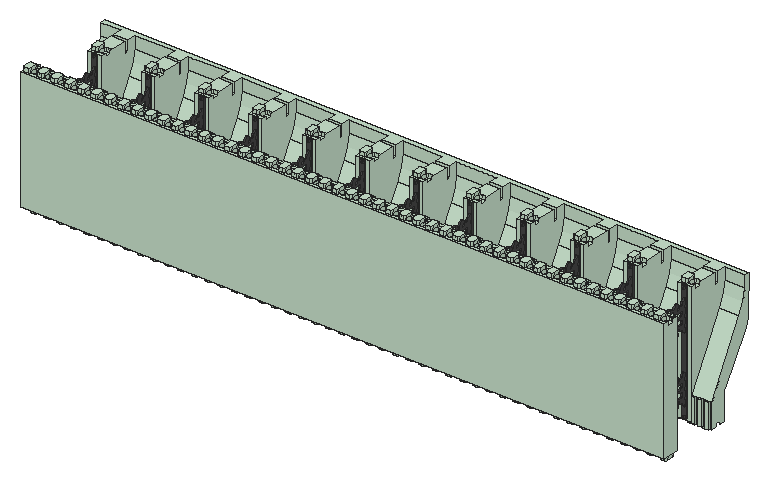
Revit family
Parameters (values of type "6-inch Brick Ledge Form Unit")
  URL = "www.nudura.com"
  Overall Form Thickness = 0' - 11 1/4"
  Model = "6-inch Brick Ledge Form Unit"
  Manufacturer = "NUDURA Corporation"
  Length = 8' - 0"
  Concrete Core Thickness = 0' - 6"
Reference planes (in)
  plane 1 "Center (Front/Back)": y = 0
  plane 2: z = 0
  plane 3 "Center (Left/Right)": x = 0
  plane 4: x = 96
  plane 5: y = 3
  plane 6: y = -3
  plane 7: y = 5.625
  plane 8: y = -5.625
  plane 9: z = 18
  plane 10: z = 18.5
  plane 11: z = -0.5
Forms (in)
  Extrusion 1, solid, material "EPS- NUDURA- Foam Panel"
    sketch origin (0, 0, 0) x (1, 0, 0) y (0, 1, 0)
      loop
        line (0.28117, -3.25) -> (0, -3.25) -> (0, -5.625) -> (96, -5.625) -> (96, -3.25) -> (95.71883, -3.25) -> (95.78117, -3) -> (95.21883, -3) -> (95.28117, -3.25) -> (94.71883, -3.25) -> (94.78117, -3) -> (94.21883, -3) -> (94.28117, -3.25) -> (93.71883, -3.25) -> (93.78117, -3) -> (93.21883, -3) -> (93.28117, -3.25) -> (90.71883, -3.25) -> (90.78117, -3) -> (90.21883, -3) -> (90.28117, -3.25) -> (89.71883, -3.25) -> (89.78117, -3) -> (89.21883, -3) -> (89.28117, -3.25) -> (88.71883, -3.25) -> (88.78117, -3) -> (88.21883, -3) -> (88.28117, -3.25) -> (87.71883, -3.25) -> (87.78117, -3) -> (87.21883, -3) -> (87.28117, -3.25) -> (86.71883, -3.25) -> (86.78117, -3) -> (86.21883, -3) -> (86.28117, -3.25) -> (85.71883, -3.25) -> (85.78117, -3) -> (85.21883, -3) -> (85.28117, -3.25) -> (82.71883, -3.25) -> (82.78117, -3) -> (82.21883, -3) -> (82.28117, -3.25) -> (81.71883, -3.25) -> (81.78117, -3) -> (81.21883, -3) -> (81.28117, -3.25) -> (80.71883, -3.25) -> (80.78117, -3) -> (80.21883, -3) -> (80.28117, -3.25) -> (79.71883, -3.25) -> (79.78117, -3) -> (79.21883, -3) -> (79.28117, -3.25) -> (78.71883, -3.25) -> (78.78117, -3) -> (78.21883, -3) -> (78.28117, -3.25) -> (77.71883, -3.25) -> (77.78117, -3) -> (77.21883, -3) -> (77.28117, -3.25) -> (74.71883, -3.25) -> (74.78117, -3) -> (74.21883, -3) -> (74.28117, -3.25) -> (73.71883, -3.25) -> (73.78117, -3) -> (73.21883, -3) -> (73.28117, -3.25) -> (72.71883, -3.25) -> (72.78117, -3) -> (72.21883, -3) -> (72.28117, -3.25) -> (71.71883, -3.25) -> (71.78117, -3) -> (71.21883, -3) -> (71.28117, -3.25) -> (70.71883, -3.25) -> (70.78117, -3) -> (70.21883, -3) -> (70.28117, -3.25) -> (69.71883, -3.25) -> (69.78117, -3) -> (69.21883, -3) -> (69.28117, -3.25) -> (66.71883, -3.25) -> (66.78117, -3) -> (66.21883, -3) -> (66.28117, -3.25) -> (65.71883, -3.25) -> (65.78117, -3) -> (65.21883, -3) -> (65.28117, -3.25) -> (64.71883, -3.25) -> (64.78117, -3) -> (64.21883, -3) -> (64.28117, -3.25) -> (63.71883, -3.25) -> (63.78117, -3) -> (63.21883, -3) -> (63.28117, -3.25) -> (62.71883, -3.25) -> (62.78117, -3) -> (62.21883, -3) -> (62.28117, -3.25) -> (61.71883, -3.25) -> (61.78117, -3) -> (61.21883, -3) -> (61.28117, -3.25) -> (58.71883, -3.25) -> (58.78117, -3) -> (58.21883, -3) -> (58.28117, -3.25) -> (57.71883, -3.25) -> (57.78117, -3) -> (57.21883, -3) -> (57.28117, -3.25) -> (56.71883, -3.25) -> (56.78117, -3) -> (56.21883, -3) -> (56.28117, -3.25) -> (55.71883, -3.25) -> (55.78117, -3) -> (55.21883, -3) -> (55.28117, -3.25) -> (54.71883, -3.25) -> (54.78117, -3) -> (54.21883, -3) -> (54.28117, -3.25) -> (53.71883, -3.25) -> (53.78117, -3) -> (53.21883, -3) -> (53.28117, -3.25) -> (50.71883, -3.25) -> (50.78117, -3) -> (50.21883, -3) -> (50.28117, -3.25) -> (49.71883, -3.25) -> (49.78117, -3) -> (49.21883, -3) -> (49.28117, -3.25) -> (48.71883, -3.25) -> (48.78117, -3) -> (48.21883, -3) -> (48.28117, -3.25) -> (47.71883, -3.25) -> (47.78117, -3) -> (47.21883, -3) -> (47.28117, -3.25) -> (46.71883, -3.25) -> (46.78117, -3) -> (46.21883, -3) -> (46.28117, -3.25) -> (45.71883, -3.25) -> (45.78117, -3) -> (45.21883, -3) -> (45.28117, -3.25) -> (42.71883, -3.25) -> (42.78117, -3) -> (42.21883, -3) -> (42.28117, -3.25) -> (41.71883, -3.25) -> (41.78117, -3) -> (41.21883, -3) -> (41.28117, -3.25) -> (40.71883, -3.25) -> (40.78117, -3) -> (40.21883, -3) -> (40.28117, -3.25) -> (39.71883, -3.25) -> (39.78117, -3) -> (39.21883, -3) -> (39.28117, -3.25) -> (38.71883, -3.25) -> (38.78117, -3) -> (38.21883, -3) -> (38.28117, -3.25) -> (37.71883, -3.25) -> (37.78117, -3) -> (37.21883, -3) -> (37.28117, -3.25) -> (34.71883, -3.25) -> (34.78117, -3) -> (34.21883, -3) -> (34.28117, -3.25) -> (33.71883, -3.25) -> (33.78117, -3) -> (33.21883, -3) -> (33.28117, -3.25) -> (32.71883, -3.25) -> (32.78117, -3) -> (32.21883, -3) -> (32.28117, -3.25) -> (31.71883, -3.25) -> (31.78117, -3) -> (31.21883, -3) -> (31.28117, -3.25) -> (30.71883, -3.25) -> (30.78117, -3) -> (30.21883, -3) -> (30.28117, -3.25) -> (29.71883, -3.25) -> (29.78117, -3) -> (29.21883, -3) -> (29.28117, -3.25) -> (26.71883, -3.25) -> (26.78117, -3) -> (26.21883, -3) -> (26.28117, -3.25) -> (25.71883, -3.25) -> (25.78117, -3) -> (25.21883, -3) -> (25.28117, -3.25) -> (24.71883, -3.25) -> (24.78117, -3) -> (24.21883, -3) -> (24.28117, -3.25) -> (23.71883, -3.25) -> (23.78117, -3) -> (23.21883, -3) -> (23.28117, -3.25) -> (22.71883, -3.25) -> (22.78117, -3) -> (22.21883, -3) -> (22.28117, -3.25) -> (21.71883, -3.25) -> (21.78117, -3) -> (21.21883, -3) -> (21.28117, -3.25) -> (18.71883, -3.25) -> (18.78117, -3) -> (18.21883, -3) -> (18.28117, -3.25) -> (17.71883, -3.25) -> (17.78117, -3) -> (17.21883, -3) -> (17.28117, -3.25) -> (16.71883, -3.25) -> (16.78117, -3) -> (16.21883, -3) -> (16.28117, -3.25) -> (15.71883, -3.25) -> (15.78117, -3) -> (15.21883, -3) -> (15.28117, -3.25) -> (14.71883, -3.25) -> (14.78117, -3) -> (14.21883, -3) -> (14.28117, -3.25) -> (13.71883, -3.25) -> (13.78117, -3) -> (13.21883, -3) -> (13.28117, -3.25) -> (10.71883, -3.25) -> (10.78117, -3) -> (10.21883, -3) -> (10.28117, -3.25) -> (9.71883, -3.25) -> (9.78117, -3) -> (9.21883, -3) -> (9.28117, -3.25) -> (8.71883, -3.25) -> (8.78117, -3) -> (8.21883, -3) -> (8.28117, -3.25) -> (7.71883, -3.25) -> (7.78117, -3) -> (7.21883, -3) -> (7.28117, -3.25) -> (6.71883, -3.25) -> (6.78117, -3) -> (6.21883, -3) -> (6.28117, -3.25) -> (5.71883, -3.25) -> (5.78117, -3) -> (5.21883, -3) -> (5.28117, -3.25) -> (2.71883, -3.25) -> (2.78117, -3) -> (2.21883, -3) -> (2.28117, -3.25) -> (1.71883, -3.25) -> (1.78117, -3) -> (1.21883, -3) -> (1.28117, -3.25) -> (0.71883, -3.25) -> (0.78117, -3) -> (0.21883, -3) -> (0.28117, -3.25)
    from 0 to 18
  Extrusion 2, void
    sketch origin (0, 0, 0) x (1, 0, 0) y (0, 1, 0)
      loop
        arc (1, -4.89808) -> (1.04785, -5.04517) -> (1.17308, -5.13595) r 0.25
        arc (1.17308, -5.13595) -> (1.5, -5.1875) -> (1.82692, -5.13595) r 1.0625
        arc (1.82692, -5.13595) -> (1.95215, -5.04517) -> (2, -4.89808) r 0.25
        line (2, -4.89808) -> (2, -3.97692)
        arc (2, -3.97692) -> (1.98276, -3.88568) -> (1.9334, -3.80702) r 0.25
        arc (1.9334, -3.80702) -> (1.92106, -3.78736) -> (1.91675, -3.76455) r 0.0625
        line (1.91675, -3.76455) -> (1.91675, -3.41845) -> (1.74592, -3.41845) -> (1.74592, -3.64005)
        arc (1.74592, -3.64005) -> (1.72385, -3.68771) -> (1.67323, -3.70172) r 0.0625
        arc (1.67323, -3.70172) -> (1.42092, -3.69045) -> (1.17308, -3.73905) r 1.0625
        arc (1.17308, -3.73905) -> (1.04785, -3.82983) -> (1, -3.97692) r 0.25
        line (1, -3.97692) -> (1, -4.89808)
    from 18 to 17.5
  Extrusion 3, void
    sketch origin (2, 0, 0) x (1, 0, 0) y (0, 1, 0)
      loop
        arc (1, -4.89808) -> (1.04785, -5.04517) -> (1.17308, -5.13595) r 0.25
        arc (1.17308, -5.13595) -> (1.5, -5.1875) -> (1.82692, -5.13595) r 1.0625
        arc (1.82692, -5.13595) -> (1.95215, -5.04517) -> (2, -4.89808) r 0.25
        line (2, -4.89808) -> (2, -3.97692)
        arc (2, -3.97692) -> (1.98276, -3.88568) -> (1.9334, -3.80702) r 0.25
        arc (1.9334, -3.80702) -> (1.92106, -3.78736) -> (1.91675, -3.76455) r 0.0625
        line (1.91675, -3.76455) -> (1.91675, -3.41845) -> (1.74592, -3.41845) -> (1.74592, -3.64005)
        arc (1.74592, -3.64005) -> (1.72385, -3.68771) -> (1.67323, -3.70172) r 0.0625
        arc (1.67323, -3.70172) -> (1.42092, -3.69045) -> (1.17308, -3.73905) r 1.0625
        arc (1.17308, -3.73905) -> (1.04785, -3.82983) -> (1, -3.97692) r 0.25
        line (1, -3.97692) -> (1, -4.89808)
    from 18 to 17.5
  Extrusion 4, void
    sketch origin (4, 0, 0) x (1, 0, 0) y (0, 1, 0)
      loop
        arc (1, -4.89808) -> (1.04785, -5.04517) -> (1.17308, -5.13595) r 0.25
        arc (1.17308, -5.13595) -> (1.5, -5.1875) -> (1.82692, -5.13595) r 1.0625
        arc (1.82692, -5.13595) -> (1.95215, -5.04517) -> (2, -4.89808) r 0.25
        line (2, -4.89808) -> (2, -3.97692)
        arc (2, -3.97692) -> (1.98276, -3.88568) -> (1.9334, -3.80702) r 0.25
        arc (1.9334, -3.80702) -> (1.92106, -3.78736) -> (1.91675, -3.76455) r 0.0625
        line (1.91675, -3.76455) -> (1.91675, -3.41845) -> (1.74592, -3.41845) -> (1.74592, -3.64005)
        arc (1.74592, -3.64005) -> (1.72385, -3.68771) -> (1.67323, -3.70172) r 0.0625
        arc (1.67323, -3.70172) -> (1.42092, -3.69045) -> (1.17308, -3.73905) r 1.0625
        arc (1.17308, -3.73905) -> (1.04785, -3.82983) -> (1, -3.97692) r 0.25
        line (1, -3.97692) -> (1, -4.89808)
    from 18 to 17.5
  Extrusion 5, void
    sketch origin (6, 0, 0) x (1, 0, 0) y (0, 1, 0)
      loop
        arc (1, -4.89808) -> (1.04785, -5.04517) -> (1.17308, -5.13595) r 0.25
        arc (1.17308, -5.13595) -> (1.5, -5.1875) -> (1.82692, -5.13595) r 1.0625
        arc (1.82692, -5.13595) -> (1.95215, -5.04517) -> (2, -4.89808) r 0.25
        line (2, -4.89808) -> (2, -3.97692)
        arc (2, -3.97692) -> (1.98276, -3.88568) -> (1.9334, -3.80702) r 0.25
        arc (1.9334, -3.80702) -> (1.92106, -3.78736) -> (1.91675, -3.76455) r 0.0625
        line (1.91675, -3.76455) -> (1.91675, -3.41845) -> (1.74592, -3.41845) -> (1.74592, -3.64005)
        arc (1.74592, -3.64005) -> (1.72385, -3.68771) -> (1.67323, -3.70172) r 0.0625
        arc (1.67323, -3.70172) -> (1.42092, -3.69045) -> (1.17308, -3.73905) r 1.0625
        arc (1.17308, -3.73905) -> (1.04785, -3.82983) -> (1, -3.97692) r 0.25
        line (1, -3.97692) -> (1, -4.89808)
    from 18 to 17.5
  Extrusion 6, void
    sketch origin (8, 0, 0) x (1, 0, 0) y (0, 1, 0)
      loop
        arc (1, -4.89808) -> (1.04785, -5.04517) -> (1.17308, -5.13595) r 0.25
        arc (1.17308, -5.13595) -> (1.5, -5.1875) -> (1.82692, -5.13595) r 1.0625
        arc (1.82692, -5.13595) -> (1.95215, -5.04517) -> (2, -4.89808) r 0.25
        line (2, -4.89808) -> (2, -3.97692)
        arc (2, -3.97692) -> (1.98276, -3.88568) -> (1.9334, -3.80702) r 0.25
        arc (1.9334, -3.80702) -> (1.92106, -3.78736) -> (1.91675, -3.76455) r 0.0625
        line (1.91675, -3.76455) -> (1.91675, -3.41845) -> (1.74592, -3.41845) -> (1.74592, -3.64005)
        arc (1.74592, -3.64005) -> (1.72385, -3.68771) -> (1.67323, -3.70172) r 0.0625
        arc (1.67323, -3.70172) -> (1.42092, -3.69045) -> (1.17308, -3.73905) r 1.0625
        arc (1.17308, -3.73905) -> (1.04785, -3.82983) -> (1, -3.97692) r 0.25
        line (1, -3.97692) -> (1, -4.89808)
    from 18 to 17.5
  Extrusion 7, void
    sketch origin (10, 0, 0) x (1, 0, 0) y (0, 1, 0)
      loop
        arc (1, -4.89808) -> (1.04785, -5.04517) -> (1.17308, -5.13595) r 0.25
        arc (1.17308, -5.13595) -> (1.5, -5.1875) -> (1.82692, -5.13595) r 1.0625
        arc (1.82692, -5.13595) -> (1.95215, -5.04517) -> (2, -4.89808) r 0.25
        line (2, -4.89808) -> (2, -3.97692)
        arc (2, -3.97692) -> (1.98276, -3.88568) -> (1.9334, -3.80702) r 0.25
        arc (1.9334, -3.80702) -> (1.92106, -3.78736) -> (1.91675, -3.76455) r 0.0625
        line (1.91675, -3.76455) -> (1.91675, -3.41845) -> (1.74592, -3.41845) -> (1.74592, -3.64005)
        arc (1.74592, -3.64005) -> (1.72385, -3.68771) -> (1.67323, -3.70172) r 0.0625
        arc (1.67323, -3.70172) -> (1.42092, -3.69045) -> (1.17308, -3.73905) r 1.0625
        arc (1.17308, -3.73905) -> (1.04785, -3.82983) -> (1, -3.97692) r 0.25
        line (1, -3.97692) -> (1, -4.89808)
    from 18 to 17.5
  Extrusion 8, void
    sketch origin (12, 0, 0) x (1, 0, 0) y (0, 1, 0)
      loop
        arc (1, -4.89808) -> (1.04785, -5.04517) -> (1.17308, -5.13595) r 0.25
        arc (1.17308, -5.13595) -> (1.5, -5.1875) -> (1.82692, -5.13595) r 1.0625
        arc (1.82692, -5.13595) -> (1.95215, -5.04517) -> (2, -4.89808) r 0.25
        line (2, -4.89808) -> (2, -3.97692)
        arc (2, -3.97692) -> (1.98276, -3.88568) -> (1.9334, -3.80702) r 0.25
        arc (1.9334, -3.80702) -> (1.92106, -3.78736) -> (1.91675, -3.76455) r 0.0625
        line (1.91675, -3.76455) -> (1.91675, -3.41845) -> (1.74592, -3.41845) -> (1.74592, -3.64005)
        arc (1.74592, -3.64005) -> (1.72385, -3.68771) -> (1.67323, -3.70172) r 0.0625
        arc (1.67323, -3.70172) -> (1.42092, -3.69045) -> (1.17308, -3.73905) r 1.0625
        arc (1.17308, -3.73905) -> (1.04785, -3.82983) -> (1, -3.97692) r 0.25
        line (1, -3.97692) -> (1, -4.89808)
    from 18 to 17.5
  Extrusion 9, void
    sketch origin (14, 0, 0) x (1, 0, 0) y (0, 1, 0)
      loop
        arc (1, -4.89808) -> (1.04785, -5.04517) -> (1.17308, -5.13595) r 0.25
        arc (1.17308, -5.13595) -> (1.5, -5.1875) -> (1.82692, -5.13595) r 1.0625
        arc (1.82692, -5.13595) -> (1.95215, -5.04517) -> (2, -4.89808) r 0.25
        line (2, -4.89808) -> (2, -3.97692)
        arc (2, -3.97692) -> (1.98276, -3.88568) -> (1.9334, -3.80702) r 0.25
        arc (1.9334, -3.80702) -> (1.92106, -3.78736) -> (1.91675, -3.76455) r 0.0625
        line (1.91675, -3.76455) -> (1.91675, -3.41845) -> (1.74592, -3.41845) -> (1.74592, -3.64005)
        arc (1.74592, -3.64005) -> (1.72385, -3.68771) -> (1.67323, -3.70172) r 0.0625
        arc (1.67323, -3.70172) -> (1.42092, -3.69045) -> (1.17308, -3.73905) r 1.0625
        arc (1.17308, -3.73905) -> (1.04785, -3.82983) -> (1, -3.97692) r 0.25
        line (1, -3.97692) -> (1, -4.89808)
    from 18 to 17.5
  Extrusion 10, void
    sketch origin (16, 0, 0) x (1, 0, 0) y (0, 1, 0)
      loop
        arc (1, -4.89808) -> (1.04785, -5.04517) -> (1.17308, -5.13595) r 0.25
        arc (1.17308, -5.13595) -> (1.5, -5.1875) -> (1.82692, -5.13595) r 1.0625
        arc (1.82692, -5.13595) -> (1.95215, -5.04517) -> (2, -4.89808) r 0.25
        line (2, -4.89808) -> (2, -3.97692)
        arc (2, -3.97692) -> (1.98276, -3.88568) -> (1.9334, -3.80702) r 0.25
        arc (1.9334, -3.80702) -> (1.92106, -3.78736) -> (1.91675, -3.76455) r 0.0625
        line (1.91675, -3.76455) -> (1.91675, -3.41845) -> (1.74592, -3.41845) -> (1.74592, -3.64005)
        arc (1.74592, -3.64005) -> (1.72385, -3.68771) -> (1.67323, -3.70172) r 0.0625
        arc (1.67323, -3.70172) -> (1.42092, -3.69045) -> (1.17308, -3.73905) r 1.0625
        arc (1.17308, -3.73905) -> (1.04785, -3.82983) -> (1, -3.97692) r 0.25
        line (1, -3.97692) -> (1, -4.89808)
    from 18 to 17.5
  Extrusion 11, void
    sketch origin (18, 0, 0) x (1, 0, 0) y (0, 1, 0)
      loop
        arc (1, -4.89808) -> (1.04785, -5.04517) -> (1.17308, -5.13595) r 0.25
        arc (1.17308, -5.13595) -> (1.5, -5.1875) -> (1.82692, -5.13595) r 1.0625
        arc (1.82692, -5.13595) -> (1.95215, -5.04517) -> (2, -4.89808) r 0.25
        line (2, -4.89808) -> (2, -3.97692)
        arc (2, -3.97692) -> (1.98276, -3.88568) -> (1.9334, -3.80702) r 0.25
        arc (1.9334, -3.80702) -> (1.92106, -3.78736) -> (1.91675, -3.76455) r 0.0625
        line (1.91675, -3.76455) -> (1.91675, -3.41845) -> (1.74592, -3.41845) -> (1.74592, -3.64005)
        arc (1.74592, -3.64005) -> (1.72385, -3.68771) -> (1.67323, -3.70172) r 0.0625
        arc (1.67323, -3.70172) -> (1.42092, -3.69045) -> (1.17308, -3.73905) r 1.0625
        arc (1.17308, -3.73905) -> (1.04785, -3.82983) -> (1, -3.97692) r 0.25
        line (1, -3.97692) -> (1, -4.89808)
    from 18 to 17.5
  Extrusion 12, void
    sketch origin (20, 0, 0) x (1, 0, 0) y (0, 1, 0)
      loop
        arc (1, -4.89808) -> (1.04785, -5.04517) -> (1.17308, -5.13595) r 0.25
        arc (1.17308, -5.13595) -> (1.5, -5.1875) -> (1.82692, -5.13595) r 1.0625
        arc (1.82692, -5.13595) -> (1.95215, -5.04517) -> (2, -4.89808) r 0.25
        line (2, -4.89808) -> (2, -3.97692)
        arc (2, -3.97692) -> (1.98276, -3.88568) -> (1.9334, -3.80702) r 0.25
        arc (1.9334, -3.80702) -> (1.92106, -3.78736) -> (1.91675, -3.76455) r 0.0625
        line (1.91675, -3.76455) -> (1.91675, -3.41845) -> (1.74592, -3.41845) -> (1.74592, -3.64005)
        arc (1.74592, -3.64005) -> (1.72385, -3.68771) -> (1.67323, -3.70172) r 0.0625
        arc (1.67323, -3.70172) -> (1.42092, -3.69045) -> (1.17308, -3.73905) r 1.0625
        arc (1.17308, -3.73905) -> (1.04785, -3.82983) -> (1, -3.97692) r 0.25
        line (1, -3.97692) -> (1, -4.89808)
    from 18 to 17.5
  Extrusion 13, void
    sketch origin (22, 0, 0) x (1, 0, 0) y (0, 1, 0)
      loop
        arc (1, -4.89808) -> (1.04785, -5.04517) -> (1.17308, -5.13595) r 0.25
        arc (1.17308, -5.13595) -> (1.5, -5.1875) -> (1.82692, -5.13595) r 1.0625
        arc (1.82692, -5.13595) -> (1.95215, -5.04517) -> (2, -4.89808) r 0.25
        line (2, -4.89808) -> (2, -3.97692)
        arc (2, -3.97692) -> (1.98276, -3.88568) -> (1.9334, -3.80702) r 0.25
        arc (1.9334, -3.80702) -> (1.92106, -3.78736) -> (1.91675, -3.76455) r 0.0625
        line (1.91675, -3.76455) -> (1.91675, -3.41845) -> (1.74592, -3.41845) -> (1.74592, -3.64005)
        arc (1.74592, -3.64005) -> (1.72385, -3.68771) -> (1.67323, -3.70172) r 0.0625
        arc (1.67323, -3.70172) -> (1.42092, -3.69045) -> (1.17308, -3.73905) r 1.0625
        arc (1.17308, -3.73905) -> (1.04785, -3.82983) -> (1, -3.97692) r 0.25
        line (1, -3.97692) -> (1, -4.89808)
    from 18 to 17.5
  Extrusion 14, void
    sketch origin (24, 0, 0) x (1, 0, 0) y (0, 1, 0)
      loop
        arc (1, -4.89808) -> (1.04785, -5.04517) -> (1.17308, -5.13595) r 0.25
        arc (1.17308, -5.13595) -> (1.5, -5.1875) -> (1.82692, -5.13595) r 1.0625
        arc (1.82692, -5.13595) -> (1.95215, -5.04517) -> (2, -4.89808) r 0.25
        line (2, -4.89808) -> (2, -3.97692)
        arc (2, -3.97692) -> (1.98276, -3.88568) -> (1.9334, -3.80702) r 0.25
        arc (1.9334, -3.80702) -> (1.92106, -3.78736) -> (1.91675, -3.76455) r 0.0625
        line (1.91675, -3.76455) -> (1.91675, -3.41845) -> (1.74592, -3.41845) -> (1.74592, -3.64005)
        arc (1.74592, -3.64005) -> (1.72385, -3.68771) -> (1.67323, -3.70172) r 0.0625
        arc (1.67323, -3.70172) -> (1.42092, -3.69045) -> (1.17308, -3.73905) r 1.0625
        arc (1.17308, -3.73905) -> (1.04785, -3.82983) -> (1, -3.97692) r 0.25
        line (1, -3.97692) -> (1, -4.89808)
    from 18 to 17.5
  Extrusion 15, void
    sketch origin (26, 0, 0) x (1, 0, 0) y (0, 1, 0)
      loop
        arc (1, -4.89808) -> (1.04785, -5.04517) -> (1.17308, -5.13595) r 0.25
        arc (1.17308, -5.13595) -> (1.5, -5.1875) -> (1.82692, -5.13595) r 1.0625
        arc (1.82692, -5.13595) -> (1.95215, -5.04517) -> (2, -4.89808) r 0.25
        line (2, -4.89808) -> (2, -3.97692)
        arc (2, -3.97692) -> (1.98276, -3.88568) -> (1.9334, -3.80702) r 0.25
        arc (1.9334, -3.80702) -> (1.92106, -3.78736) -> (1.91675, -3.76455) r 0.0625
        line (1.91675, -3.76455) -> (1.91675, -3.41845) -> (1.74592, -3.41845) -> (1.74592, -3.64005)
        arc (1.74592, -3.64005) -> (1.72385, -3.68771) -> (1.67323, -3.70172) r 0.0625
        arc (1.67323, -3.70172) -> (1.42092, -3.69045) -> (1.17308, -3.73905) r 1.0625
        arc (1.17308, -3.73905) -> (1.04785, -3.82983) -> (1, -3.97692) r 0.25
        line (1, -3.97692) -> (1, -4.89808)
    from 18 to 17.5
  Extrusion 16, void
    sketch origin (28, 0, 0) x (1, 0, 0) y (0, 1, 0)
      loop
        arc (1, -4.89808) -> (1.04785, -5.04517) -> (1.17308, -5.13595) r 0.25
        arc (1.17308, -5.13595) -> (1.5, -5.1875) -> (1.82692, -5.13595) r 1.0625
        arc (1.82692, -5.13595) -> (1.95215, -5.04517) -> (2, -4.89808) r 0.25
        line (2, -4.89808) -> (2, -3.97692)
        arc (2, -3.97692) -> (1.98276, -3.88568) -> (1.9334, -3.80702) r 0.25
        arc (1.9334, -3.80702) -> (1.92106, -3.78736) -> (1.91675, -3.76455) r 0.0625
        line (1.91675, -3.76455) -> (1.91675, -3.41845) -> (1.74592, -3.41845) -> (1.74592, -3.64005)
        arc (1.74592, -3.64005) -> (1.72385, -3.68771) -> (1.67323, -3.70172) r 0.0625
        arc (1.67323, -3.70172) -> (1.42092, -3.69045) -> (1.17308, -3.73905) r 1.0625
        arc (1.17308, -3.73905) -> (1.04785, -3.82983) -> (1, -3.97692) r 0.25
        line (1, -3.97692) -> (1, -4.89808)
    from 18 to 17.5
  Extrusion 17, void
    sketch origin (30, 0, 0) x (1, 0, 0) y (0, 1, 0)
      loop
        arc (1, -4.89808) -> (1.04785, -5.04517) -> (1.17308, -5.13595) r 0.25
        arc (1.17308, -5.13595) -> (1.5, -5.1875) -> (1.82692, -5.13595) r 1.0625
        arc (1.82692, -5.13595) -> (1.95215, -5.04517) -> (2, -4.89808) r 0.25
        line (2, -4.89808) -> (2, -3.97692)
        arc (2, -3.97692) -> (1.98276, -3.88568) -> (1.9334, -3.80702) r 0.25
        arc (1.9334, -3.80702) -> (1.92106, -3.78736) -> (1.91675, -3.76455) r 0.0625
        line (1.91675, -3.76455) -> (1.91675, -3.41845) -> (1.74592, -3.41845) -> (1.74592, -3.64005)
        arc (1.74592, -3.64005) -> (1.72385, -3.68771) -> (1.67323, -3.70172) r 0.0625
        arc (1.67323, -3.70172) -> (1.42092, -3.69045) -> (1.17308, -3.73905) r 1.0625
        arc (1.17308, -3.73905) -> (1.04785, -3.82983) -> (1, -3.97692) r 0.25
        line (1, -3.97692) -> (1, -4.89808)
    from 18 to 17.5
  Extrusion 18, void
    sketch origin (32, 0, 0) x (1, 0, 0) y (0, 1, 0)
      loop
        arc (1, -4.89808) -> (1.04785, -5.04517) -> (1.17308, -5.13595) r 0.25
        arc (1.17308, -5.13595) -> (1.5, -5.1875) -> (1.82692, -5.13595) r 1.0625
        arc (1.82692, -5.13595) -> (1.95215, -5.04517) -> (2, -4.89808) r 0.25
        line (2, -4.89808) -> (2, -3.97692)
        arc (2, -3.97692) -> (1.98276, -3.88568) -> (1.9334, -3.80702) r 0.25
        arc (1.9334, -3.80702) -> (1.92106, -3.78736) -> (1.91675, -3.76455) r 0.0625
        line (1.91675, -3.76455) -> (1.91675, -3.41845) -> (1.74592, -3.41845) -> (1.74592, -3.64005)
        arc (1.74592, -3.64005) -> (1.72385, -3.68771) -> (1.67323, -3.70172) r 0.0625
        arc (1.67323, -3.70172) -> (1.42092, -3.69045) -> (1.17308, -3.73905) r 1.0625
        arc (1.17308, -3.73905) -> (1.04785, -3.82983) -> (1, -3.97692) r 0.25
        line (1, -3.97692) -> (1, -4.89808)
    from 18 to 17.5
  Extrusion 19, void
    sketch origin (34, 0, 0) x (1, 0, 0) y (0, 1, 0)
      loop
        arc (1, -4.89808) -> (1.04785, -5.04517) -> (1.17308, -5.13595) r 0.25
        arc (1.17308, -5.13595) -> (1.5, -5.1875) -> (1.82692, -5.13595) r 1.0625
        arc (1.82692, -5.13595) -> (1.95215, -5.04517) -> (2, -4.89808) r 0.25
        line (2, -4.89808) -> (2, -3.97692)
        arc (2, -3.97692) -> (1.98276, -3.88568) -> (1.9334, -3.80702) r 0.25
        arc (1.9334, -3.80702) -> (1.92106, -3.78736) -> (1.91675, -3.76455) r 0.0625
        line (1.91675, -3.76455) -> (1.91675, -3.41845) -> (1.74592, -3.41845) -> (1.74592, -3.64005)
        arc (1.74592, -3.64005) -> (1.72385, -3.68771) -> (1.67323, -3.70172) r 0.0625
        arc (1.67323, -3.70172) -> (1.42092, -3.69045) -> (1.17308, -3.73905) r 1.0625
        arc (1.17308, -3.73905) -> (1.04785, -3.82983) -> (1, -3.97692) r 0.25
        line (1, -3.97692) -> (1, -4.89808)
    from 18 to 17.5
  Extrusion 20, void
    sketch origin (36, 0, 0) x (1, 0, 0) y (0, 1, 0)
      loop
        arc (1, -4.89808) -> (1.04785, -5.04517) -> (1.17308, -5.13595) r 0.25
        arc (1.17308, -5.13595) -> (1.5, -5.1875) -> (1.82692, -5.13595) r 1.0625
        arc (1.82692, -5.13595) -> (1.95215, -5.04517) -> (2, -4.89808) r 0.25
        line (2, -4.89808) -> (2, -3.97692)
        arc (2, -3.97692) -> (1.98276, -3.88568) -> (1.9334, -3.80702) r 0.25
        arc (1.9334, -3.80702) -> (1.92106, -3.78736) -> (1.91675, -3.76455) r 0.0625
        line (1.91675, -3.76455) -> (1.91675, -3.41845) -> (1.74592, -3.41845) -> (1.74592, -3.64005)
        arc (1.74592, -3.64005) -> (1.72385, -3.68771) -> (1.67323, -3.70172) r 0.0625
        arc (1.67323, -3.70172) -> (1.42092, -3.69045) -> (1.17308, -3.73905) r 1.0625
        arc (1.17308, -3.73905) -> (1.04785, -3.82983) -> (1, -3.97692) r 0.25
        line (1, -3.97692) -> (1, -4.89808)
    from 18 to 17.5
  Extrusion 21, void
    sketch origin (38, 0, 0) x (1, 0, 0) y (0, 1, 0)
      loop
        arc (1, -4.89808) -> (1.04785, -5.04517) -> (1.17308, -5.13595) r 0.25
        arc (1.17308, -5.13595) -> (1.5, -5.1875) -> (1.82692, -5.13595) r 1.0625
        arc (1.82692, -5.13595) -> (1.95215, -5.04517) -> (2, -4.89808) r 0.25
        line (2, -4.89808) -> (2, -3.97692)
        arc (2, -3.97692) -> (1.98276, -3.88568) -> (1.9334, -3.80702) r 0.25
        arc (1.9334, -3.80702) -> (1.92106, -3.78736) -> (1.91675, -3.76455) r 0.0625
        line (1.91675, -3.76455) -> (1.91675, -3.41845) -> (1.74592, -3.41845) -> (1.74592, -3.64005)
        arc (1.74592, -3.64005) -> (1.72385, -3.68771) -> (1.67323, -3.70172) r 0.0625
        arc (1.67323, -3.70172) -> (1.42092, -3.69045) -> (1.17308, -3.73905) r 1.0625
        arc (1.17308, -3.73905) -> (1.04785, -3.82983) -> (1, -3.97692) r 0.25
        line (1, -3.97692) -> (1, -4.89808)
    from 18 to 17.5
  Extrusion 22, void
    sketch origin (40, 0, 0) x (1, 0, 0) y (0, 1, 0)
      loop
        arc (1, -4.89808) -> (1.04785, -5.04517) -> (1.17308, -5.13595) r 0.25
        arc (1.17308, -5.13595) -> (1.5, -5.1875) -> (1.82692, -5.13595) r 1.0625
        arc (1.82692, -5.13595) -> (1.95215, -5.04517) -> (2, -4.89808) r 0.25
        line (2, -4.89808) -> (2, -3.97692)
        arc (2, -3.97692) -> (1.98276, -3.88568) -> (1.9334, -3.80702) r 0.25
        arc (1.9334, -3.80702) -> (1.92106, -3.78736) -> (1.91675, -3.76455) r 0.0625
        line (1.91675, -3.76455) -> (1.91675, -3.41845) -> (1.74592, -3.41845) -> (1.74592, -3.64005)
        arc (1.74592, -3.64005) -> (1.72385, -3.68771) -> (1.67323, -3.70172) r 0.0625
        arc (1.67323, -3.70172) -> (1.42092, -3.69045) -> (1.17308, -3.73905) r 1.0625
        arc (1.17308, -3.73905) -> (1.04785, -3.82983) -> (1, -3.97692) r 0.25
        line (1, -3.97692) -> (1, -4.89808)
    from 18 to 17.5
  Extrusion 23, void
    sketch origin (42, 0, 0) x (1, 0, 0) y (0, 1, 0)
      loop
        arc (1, -4.89808) -> (1.04785, -5.04517) -> (1.17308, -5.13595) r 0.25
        arc (1.17308, -5.13595) -> (1.5, -5.1875) -> (1.82692, -5.13595) r 1.0625
        arc (1.82692, -5.13595) -> (1.95215, -5.04517) -> (2, -4.89808) r 0.25
        line (2, -4.89808) -> (2, -3.97692)
        arc (2, -3.97692) -> (1.98276, -3.88568) -> (1.9334, -3.80702) r 0.25
        arc (1.9334, -3.80702) -> (1.92106, -3.78736) -> (1.91675, -3.76455) r 0.0625
        line (1.91675, -3.76455) -> (1.91675, -3.41845) -> (1.74592, -3.41845) -> (1.74592, -3.64005)
        arc (1.74592, -3.64005) -> (1.72385, -3.68771) -> (1.67323, -3.70172) r 0.0625
        arc (1.67323, -3.70172) -> (1.42092, -3.69045) -> (1.17308, -3.73905) r 1.0625
        arc (1.17308, -3.73905) -> (1.04785, -3.82983) -> (1, -3.97692) r 0.25
        line (1, -3.97692) -> (1, -4.89808)
    from 18 to 17.5
  Extrusion 24, void
    sketch origin (44, 0, 0) x (1, 0, 0) y (0, 1, 0)
      loop
        arc (1, -4.89808) -> (1.04785, -5.04517) -> (1.17308, -5.13595) r 0.25
        arc (1.17308, -5.13595) -> (1.5, -5.1875) -> (1.82692, -5.13595) r 1.0625
        arc (1.82692, -5.13595) -> (1.95215, -5.04517) -> (2, -4.89808) r 0.25
        line (2, -4.89808) -> (2, -3.97692)
        arc (2, -3.97692) -> (1.98276, -3.88568) -> (1.9334, -3.80702) r 0.25
        arc (1.9334, -3.80702) -> (1.92106, -3.78736) -> (1.91675, -3.76455) r 0.0625
        line (1.91675, -3.76455) -> (1.91675, -3.41845) -> (1.74592, -3.41845) -> (1.74592, -3.64005)
        arc (1.74592, -3.64005) -> (1.72385, -3.68771) -> (1.67323, -3.70172) r 0.0625
        arc (1.67323, -3.70172) -> (1.42092, -3.69045) -> (1.17308, -3.73905) r 1.0625
        arc (1.17308, -3.73905) -> (1.04785, -3.82983) -> (1, -3.97692) r 0.25
        line (1, -3.97692) -> (1, -4.89808)
    from 18 to 17.5
  Extrusion 25, void
    sketch origin (46, 0, 0) x (1, 0, 0) y (0, 1, 0)
      loop
        arc (1, -4.89808) -> (1.04785, -5.04517) -> (1.17308, -5.13595) r 0.25
        arc (1.17308, -5.13595) -> (1.5, -5.1875) -> (1.82692, -5.13595) r 1.0625
        arc (1.82692, -5.13595) -> (1.95215, -5.04517) -> (2, -4.89808) r 0.25
        line (2, -4.89808) -> (2, -3.97692)
        arc (2, -3.97692) -> (1.98276, -3.88568) -> (1.9334, -3.80702) r 0.25
        arc (1.9334, -3.80702) -> (1.92106, -3.78736) -> (1.91675, -3.76455) r 0.0625
        line (1.91675, -3.76455) -> (1.91675, -3.41845) -> (1.74592, -3.41845) -> (1.74592, -3.64005)
        arc (1.74592, -3.64005) -> (1.72385, -3.68771) -> (1.67323, -3.70172) r 0.0625
        arc (1.67323, -3.70172) -> (1.42092, -3.69045) -> (1.17308, -3.73905) r 1.0625
        arc (1.17308, -3.73905) -> (1.04785, -3.82983) -> (1, -3.97692) r 0.25
        line (1, -3.97692) -> (1, -4.89808)
    from 18 to 17.5
  Extrusion 26, void
    sketch origin (48, 0, 0) x (1, 0, 0) y (0, 1, 0)
      loop
        arc (1, -4.89808) -> (1.04785, -5.04517) -> (1.17308, -5.13595) r 0.25
        arc (1.17308, -5.13595) -> (1.5, -5.1875) -> (1.82692, -5.13595) r 1.0625
        arc (1.82692, -5.13595) -> (1.95215, -5.04517) -> (2, -4.89808) r 0.25
        line (2, -4.89808) -> (2, -3.97692)
        arc (2, -3.97692) -> (1.98276, -3.88568) -> (1.9334, -3.80702) r 0.25
        arc (1.9334, -3.80702) -> (1.92106, -3.78736) -> (1.91675, -3.76455) r 0.0625
        line (1.91675, -3.76455) -> (1.91675, -3.41845) -> (1.74592, -3.41845) -> (1.74592, -3.64005)
        arc (1.74592, -3.64005) -> (1.72385, -3.68771) -> (1.67323, -3.70172) r 0.0625
        arc (1.67323, -3.70172) -> (1.42092, -3.69045) -> (1.17308, -3.73905) r 1.0625
        arc (1.17308, -3.73905) -> (1.04785, -3.82983) -> (1, -3.97692) r 0.25
        line (1, -3.97692) -> (1, -4.89808)
    from 18 to 17.5
  Extrusion 27, void
    sketch origin (50, 0, 0) x (1, 0, 0) y (0, 1, 0)
      loop
        arc (1, -4.89808) -> (1.04785, -5.04517) -> (1.17308, -5.13595) r 0.25
        arc (1.17308, -5.13595) -> (1.5, -5.1875) -> (1.82692, -5.13595) r 1.0625
        arc (1.82692, -5.13595) -> (1.95215, -5.04517) -> (2, -4.89808) r 0.25
        line (2, -4.89808) -> (2, -3.97692)
        arc (2, -3.97692) -> (1.98276, -3.88568) -> (1.9334, -3.80702) r 0.25
        arc (1.9334, -3.80702) -> (1.92106, -3.78736) -> (1.91675, -3.76455) r 0.0625
        line (1.91675, -3.76455) -> (1.91675, -3.41845) -> (1.74592, -3.41845) -> (1.74592, -3.64005)
        arc (1.74592, -3.64005) -> (1.72385, -3.68771) -> (1.67323, -3.70172) r 0.0625
        arc (1.67323, -3.70172) -> (1.42092, -3.69045) -> (1.17308, -3.73905) r 1.0625
        arc (1.17308, -3.73905) -> (1.04785, -3.82983) -> (1, -3.97692) r 0.25
        line (1, -3.97692) -> (1, -4.89808)
    from 18 to 17.5
  Extrusion 28, void
    sketch origin (52, 0, 0) x (1, 0, 0) y (0, 1, 0)
      loop
        arc (1, -4.89808) -> (1.04785, -5.04517) -> (1.17308, -5.13595) r 0.25
        arc (1.17308, -5.13595) -> (1.5, -5.1875) -> (1.82692, -5.13595) r 1.0625
        arc (1.82692, -5.13595) -> (1.95215, -5.04517) -> (2, -4.89808) r 0.25
        line (2, -4.89808) -> (2, -3.97692)
        arc (2, -3.97692) -> (1.98276, -3.88568) -> (1.9334, -3.80702) r 0.25
        arc (1.9334, -3.80702) -> (1.92106, -3.78736) -> (1.91675, -3.76455) r 0.0625
        line (1.91675, -3.76455) -> (1.91675, -3.41845) -> (1.74592, -3.41845) -> (1.74592, -3.64005)
        arc (1.74592, -3.64005) -> (1.72385, -3.68771) -> (1.67323, -3.70172) r 0.0625
        arc (1.67323, -3.70172) -> (1.42092, -3.69045) -> (1.17308, -3.73905) r 1.0625
        arc (1.17308, -3.73905) -> (1.04785, -3.82983) -> (1, -3.97692) r 0.25
        line (1, -3.97692) -> (1, -4.89808)
    from 18 to 17.5
  Extrusion 29, void
    sketch origin (54, 0, 0) x (1, 0, 0) y (0, 1, 0)
      loop
        arc (1, -4.89808) -> (1.04785, -5.04517) -> (1.17308, -5.13595) r 0.25
        arc (1.17308, -5.13595) -> (1.5, -5.1875) -> (1.82692, -5.13595) r 1.0625
        arc (1.82692, -5.13595) -> (1.95215, -5.04517) -> (2, -4.89808) r 0.25
        line (2, -4.89808) -> (2, -3.97692)
        arc (2, -3.97692) -> (1.98276, -3.88568) -> (1.9334, -3.80702) r 0.25
        arc (1.9334, -3.80702) -> (1.92106, -3.78736) -> (1.91675, -3.76455) r 0.0625
        line (1.91675, -3.76455) -> (1.91675, -3.41845) -> (1.74592, -3.41845) -> (1.74592, -3.64005)
        arc (1.74592, -3.64005) -> (1.72385, -3.68771) -> (1.67323, -3.70172) r 0.0625
        arc (1.67323, -3.70172) -> (1.42092, -3.69045) -> (1.17308, -3.73905) r 1.0625
        arc (1.17308, -3.73905) -> (1.04785, -3.82983) -> (1, -3.97692) r 0.25
        line (1, -3.97692) -> (1, -4.89808)
    from 18 to 17.5
  Extrusion 30, void
    sketch origin (56, 0, 0) x (1, 0, 0) y (0, 1, 0)
      loop
        arc (1, -4.89808) -> (1.04785, -5.04517) -> (1.17308, -5.13595) r 0.25
        arc (1.17308, -5.13595) -> (1.5, -5.1875) -> (1.82692, -5.13595) r 1.0625
        arc (1.82692, -5.13595) -> (1.95215, -5.04517) -> (2, -4.89808) r 0.25
        line (2, -4.89808) -> (2, -3.97692)
        arc (2, -3.97692) -> (1.98276, -3.88568) -> (1.9334, -3.80702) r 0.25
        arc (1.9334, -3.80702) -> (1.92106, -3.78736) -> (1.91675, -3.76455) r 0.0625
        line (1.91675, -3.76455) -> (1.91675, -3.41845) -> (1.74592, -3.41845) -> (1.74592, -3.64005)
        arc (1.74592, -3.64005) -> (1.72385, -3.68771) -> (1.67323, -3.70172) r 0.0625
        arc (1.67323, -3.70172) -> (1.42092, -3.69045) -> (1.17308, -3.73905) r 1.0625
        arc (1.17308, -3.73905) -> (1.04785, -3.82983) -> (1, -3.97692) r 0.25
        line (1, -3.97692) -> (1, -4.89808)
    from 18 to 17.5
  Extrusion 31, void
    sketch origin (58, 0, 0) x (1, 0, 0) y (0, 1, 0)
      loop
        arc (1, -4.89808) -> (1.04785, -5.04517) -> (1.17308, -5.13595) r 0.25
        arc (1.17308, -5.13595) -> (1.5, -5.1875) -> (1.82692, -5.13595) r 1.0625
        arc (1.82692, -5.13595) -> (1.95215, -5.04517) -> (2, -4.89808) r 0.25
        line (2, -4.89808) -> (2, -3.97692)
        arc (2, -3.97692) -> (1.98276, -3.88568) -> (1.9334, -3.80702) r 0.25
        arc (1.9334, -3.80702) -> (1.92106, -3.78736) -> (1.91675, -3.76455) r 0.0625
        line (1.91675, -3.76455) -> (1.91675, -3.41845) -> (1.74592, -3.41845) -> (1.74592, -3.64005)
        arc (1.74592, -3.64005) -> (1.72385, -3.68771) -> (1.67323, -3.70172) r 0.0625
        arc (1.67323, -3.70172) -> (1.42092, -3.69045) -> (1.17308, -3.73905) r 1.0625
        arc (1.17308, -3.73905) -> (1.04785, -3.82983) -> (1, -3.97692) r 0.25
        line (1, -3.97692) -> (1, -4.89808)
    from 18 to 17.5
  Extrusion 32, void
    sketch origin (60, 0, 0) x (1, 0, 0) y (0, 1, 0)
      loop
        arc (1, -4.89808) -> (1.04785, -5.04517) -> (1.17308, -5.13595) r 0.25
        arc (1.17308, -5.13595) -> (1.5, -5.1875) -> (1.82692, -5.13595) r 1.0625
        arc (1.82692, -5.13595) -> (1.95215, -5.04517) -> (2, -4.89808) r 0.25
        line (2, -4.89808) -> (2, -3.97692)
        arc (2, -3.97692) -> (1.98276, -3.88568) -> (1.9334, -3.80702) r 0.25
        arc (1.9334, -3.80702) -> (1.92106, -3.78736) -> (1.91675, -3.76455) r 0.0625
        line (1.91675, -3.76455) -> (1.91675, -3.41845) -> (1.74592, -3.41845) -> (1.74592, -3.64005)
        arc (1.74592, -3.64005) -> (1.72385, -3.68771) -> (1.67323, -3.70172) r 0.0625
        arc (1.67323, -3.70172) -> (1.42092, -3.69045) -> (1.17308, -3.73905) r 1.0625
        arc (1.17308, -3.73905) -> (1.04785, -3.82983) -> (1, -3.97692) r 0.25
        line (1, -3.97692) -> (1, -4.89808)
    from 18 to 17.5
  Extrusion 33, void
    sketch origin (62, 0, 0) x (1, 0, 0) y (0, 1, 0)
      loop
        arc (1, -4.89808) -> (1.04785, -5.04517) -> (1.17308, -5.13595) r 0.25
        arc (1.17308, -5.13595) -> (1.5, -5.1875) -> (1.82692, -5.13595) r 1.0625
        arc (1.82692, -5.13595) -> (1.95215, -5.04517) -> (2, -4.89808) r 0.25
        line (2, -4.89808) -> (2, -3.97692)
        arc (2, -3.97692) -> (1.98276, -3.88568) -> (1.9334, -3.80702) r 0.25
        arc (1.9334, -3.80702) -> (1.92106, -3.78736) -> (1.91675, -3.76455) r 0.0625
        line (1.91675, -3.76455) -> (1.91675, -3.41845) -> (1.74592, -3.41845) -> (1.74592, -3.64005)
        arc (1.74592, -3.64005) -> (1.72385, -3.68771) -> (1.67323, -3.70172) r 0.0625
        arc (1.67323, -3.70172) -> (1.42092, -3.69045) -> (1.17308, -3.73905) r 1.0625
        arc (1.17308, -3.73905) -> (1.04785, -3.82983) -> (1, -3.97692) r 0.25
        line (1, -3.97692) -> (1, -4.89808)
    from 18 to 17.5
  Extrusion 34, void
    sketch origin (64, 0, 0) x (1, 0, 0) y (0, 1, 0)
      loop
        arc (1, -4.89808) -> (1.04785, -5.04517) -> (1.17308, -5.13595) r 0.25
        arc (1.17308, -5.13595) -> (1.5, -5.1875) -> (1.82692, -5.13595) r 1.0625
        arc (1.82692, -5.13595) -> (1.95215, -5.04517) -> (2, -4.89808) r 0.25
        line (2, -4.89808) -> (2, -3.97692)
        arc (2, -3.97692) -> (1.98276, -3.88568) -> (1.9334, -3.80702) r 0.25
        arc (1.9334, -3.80702) -> (1.92106, -3.78736) -> (1.91675, -3.76455) r 0.0625
        line (1.91675, -3.76455) -> (1.91675, -3.41845) -> (1.74592, -3.41845) -> (1.74592, -3.64005)
        arc (1.74592, -3.64005) -> (1.72385, -3.68771) -> (1.67323, -3.70172) r 0.0625
        arc (1.67323, -3.70172) -> (1.42092, -3.69045) -> (1.17308, -3.73905) r 1.0625
        arc (1.17308, -3.73905) -> (1.04785, -3.82983) -> (1, -3.97692) r 0.25
        line (1, -3.97692) -> (1, -4.89808)
    from 18 to 17.5
  Extrusion 35, void
    sketch origin (66, 0, 0) x (1, 0, 0) y (0, 1, 0)
      loop
        arc (1, -4.89808) -> (1.04785, -5.04517) -> (1.17308, -5.13595) r 0.25
        arc (1.17308, -5.13595) -> (1.5, -5.1875) -> (1.82692, -5.13595) r 1.0625
        arc (1.82692, -5.13595) -> (1.95215, -5.04517) -> (2, -4.89808) r 0.25
        line (2, -4.89808) -> (2, -3.97692)
        arc (2, -3.97692) -> (1.98276, -3.88568) -> (1.9334, -3.80702) r 0.25
        arc (1.9334, -3.80702) -> (1.92106, -3.78736) -> (1.91675, -3.76455) r 0.0625
        line (1.91675, -3.76455) -> (1.91675, -3.41845) -> (1.74592, -3.41845) -> (1.74592, -3.64005)
        arc (1.74592, -3.64005) -> (1.72385, -3.68771) -> (1.67323, -3.70172) r 0.0625
        arc (1.67323, -3.70172) -> (1.42092, -3.69045) -> (1.17308, -3.73905) r 1.0625
        arc (1.17308, -3.73905) -> (1.04785, -3.82983) -> (1, -3.97692) r 0.25
        line (1, -3.97692) -> (1, -4.89808)
    from 18 to 17.5
  Extrusion 36, void
    sketch origin (68, 0, 0) x (1, 0, 0) y (0, 1, 0)
      loop
        arc (1, -4.89808) -> (1.04785, -5.04517) -> (1.17308, -5.13595) r 0.25
        arc (1.17308, -5.13595) -> (1.5, -5.1875) -> (1.82692, -5.13595) r 1.0625
        arc (1.82692, -5.13595) -> (1.95215, -5.04517) -> (2, -4.89808) r 0.25
        line (2, -4.89808) -> (2, -3.97692)
        arc (2, -3.97692) -> (1.98276, -3.88568) -> (1.9334, -3.80702) r 0.25
        arc (1.9334, -3.80702) -> (1.92106, -3.78736) -> (1.91675, -3.76455) r 0.0625
        line (1.91675, -3.76455) -> (1.91675, -3.41845) -> (1.74592, -3.41845) -> (1.74592, -3.64005)
        arc (1.74592, -3.64005) -> (1.72385, -3.68771) -> (1.67323, -3.70172) r 0.0625
        arc (1.67323, -3.70172) -> (1.42092, -3.69045) -> (1.17308, -3.73905) r 1.0625
        arc (1.17308, -3.73905) -> (1.04785, -3.82983) -> (1, -3.97692) r 0.25
        line (1, -3.97692) -> (1, -4.89808)
    from 18 to 17.5
  Extrusion 37, void
    sketch origin (70, 0, 0) x (1, 0, 0) y (0, 1, 0)
      loop
        arc (1, -4.89808) -> (1.04785, -5.04517) -> (1.17308, -5.13595) r 0.25
        arc (1.17308, -5.13595) -> (1.5, -5.1875) -> (1.82692, -5.13595) r 1.0625
        arc (1.82692, -5.13595) -> (1.95215, -5.04517) -> (2, -4.89808) r 0.25
        line (2, -4.89808) -> (2, -3.97692)
        arc (2, -3.97692) -> (1.98276, -3.88568) -> (1.9334, -3.80702) r 0.25
        arc (1.9334, -3.80702) -> (1.92106, -3.78736) -> (1.91675, -3.76455) r 0.0625
        line (1.91675, -3.76455) -> (1.91675, -3.41845) -> (1.74592, -3.41845) -> (1.74592, -3.64005)
        arc (1.74592, -3.64005) -> (1.72385, -3.68771) -> (1.67323, -3.70172) r 0.0625
        arc (1.67323, -3.70172) -> (1.42092, -3.69045) -> (1.17308, -3.73905) r 1.0625
        arc (1.17308, -3.73905) -> (1.04785, -3.82983) -> (1, -3.97692) r 0.25
        line (1, -3.97692) -> (1, -4.89808)
    from 18 to 17.5
  Extrusion 38, void
    sketch origin (72, 0, 0) x (1, 0, 0) y (0, 1, 0)
      loop
        arc (1, -4.89808) -> (1.04785, -5.04517) -> (1.17308, -5.13595) r 0.25
        arc (1.17308, -5.13595) -> (1.5, -5.1875) -> (1.82692, -5.13595) r 1.0625
        arc (1.82692, -5.13595) -> (1.95215, -5.04517) -> (2, -4.89808) r 0.25
        line (2, -4.89808) -> (2, -3.97692)
        arc (2, -3.97692) -> (1.98276, -3.88568) -> (1.9334, -3.80702) r 0.25
        arc (1.9334, -3.80702) -> (1.92106, -3.78736) -> (1.91675, -3.76455) r 0.0625
        line (1.91675, -3.76455) -> (1.91675, -3.41845) -> (1.74592, -3.41845) -> (1.74592, -3.64005)
        arc (1.74592, -3.64005) -> (1.72385, -3.68771) -> (1.67323, -3.70172) r 0.0625
        arc (1.67323, -3.70172) -> (1.42092, -3.69045) -> (1.17308, -3.73905) r 1.0625
        arc (1.17308, -3.73905) -> (1.04785, -3.82983) -> (1, -3.97692) r 0.25
        line (1, -3.97692) -> (1, -4.89808)
    from 18 to 17.5
  Extrusion 39, void
    sketch origin (74, 0, 0) x (1, 0, 0) y (0, 1, 0)
      loop
        arc (1, -4.89808) -> (1.04785, -5.04517) -> (1.17308, -5.13595) r 0.25
        arc (1.17308, -5.13595) -> (1.5, -5.1875) -> (1.82692, -5.13595) r 1.0625
        arc (1.82692, -5.13595) -> (1.95215, -5.04517) -> (2, -4.89808) r 0.25
        line (2, -4.89808) -> (2, -3.97692)
        arc (2, -3.97692) -> (1.98276, -3.88568) -> (1.9334, -3.80702) r 0.25
        arc (1.9334, -3.80702) -> (1.92106, -3.78736) -> (1.91675, -3.76455) r 0.0625
        line (1.91675, -3.76455) -> (1.91675, -3.41845) -> (1.74592, -3.41845) -> (1.74592, -3.64005)
        arc (1.74592, -3.64005) -> (1.72385, -3.68771) -> (1.67323, -3.70172) r 0.0625
        arc (1.67323, -3.70172) -> (1.42092, -3.69045) -> (1.17308, -3.73905) r 1.0625
        arc (1.17308, -3.73905) -> (1.04785, -3.82983) -> (1, -3.97692) r 0.25
        line (1, -3.97692) -> (1, -4.89808)
    from 18 to 17.5
  Extrusion 40, void
    sketch origin (76, 0, 0) x (1, 0, 0) y (0, 1, 0)
      loop
        arc (1, -4.89808) -> (1.04785, -5.04517) -> (1.17308, -5.13595) r 0.25
        arc (1.17308, -5.13595) -> (1.5, -5.1875) -> (1.82692, -5.13595) r 1.0625
        arc (1.82692, -5.13595) -> (1.95215, -5.04517) -> (2, -4.89808) r 0.25
        line (2, -4.89808) -> (2, -3.97692)
        arc (2, -3.97692) -> (1.98276, -3.88568) -> (1.9334, -3.80702) r 0.25
        arc (1.9334, -3.80702) -> (1.92106, -3.78736) -> (1.91675, -3.76455) r 0.0625
        line (1.91675, -3.76455) -> (1.91675, -3.41845) -> (1.74592, -3.41845) -> (1.74592, -3.64005)
        arc (1.74592, -3.64005) -> (1.72385, -3.68771) -> (1.67323, -3.70172) r 0.0625
        arc (1.67323, -3.70172) -> (1.42092, -3.69045) -> (1.17308, -3.73905) r 1.0625
        arc (1.17308, -3.73905) -> (1.04785, -3.82983) -> (1, -3.97692) r 0.25
        line (1, -3.97692) -> (1, -4.89808)
    from 18 to 17.5
  Extrusion 41, void
    sketch origin (78, 0, 0) x (1, 0, 0) y (0, 1, 0)
      loop
        arc (1, -4.89808) -> (1.04785, -5.04517) -> (1.17308, -5.13595) r 0.25
        arc (1.17308, -5.13595) -> (1.5, -5.1875) -> (1.82692, -5.13595) r 1.0625
        arc (1.82692, -5.13595) -> (1.95215, -5.04517) -> (2, -4.89808) r 0.25
        line (2, -4.89808) -> (2, -3.97692)
        arc (2, -3.97692) -> (1.98276, -3.88568) -> (1.9334, -3.80702) r 0.25
        arc (1.9334, -3.80702) -> (1.92106, -3.78736) -> (1.91675, -3.76455) r 0.0625
        line (1.91675, -3.76455) -> (1.91675, -3.41845) -> (1.74592, -3.41845) -> (1.74592, -3.64005)
        arc (1.74592, -3.64005) -> (1.72385, -3.68771) -> (1.67323, -3.70172) r 0.0625
        arc (1.67323, -3.70172) -> (1.42092, -3.69045) -> (1.17308, -3.73905) r 1.0625
        arc (1.17308, -3.73905) -> (1.04785, -3.82983) -> (1, -3.97692) r 0.25
        line (1, -3.97692) -> (1, -4.89808)
    from 18 to 17.5
  Extrusion 42, void
    sketch origin (80, 0, 0) x (1, 0, 0) y (0, 1, 0)
      loop
        arc (1, -4.89808) -> (1.04785, -5.04517) -> (1.17308, -5.13595) r 0.25
        arc (1.17308, -5.13595) -> (1.5, -5.1875) -> (1.82692, -5.13595) r 1.0625
        arc (1.82692, -5.13595) -> (1.95215, -5.04517) -> (2, -4.89808) r 0.25
        line (2, -4.89808) -> (2, -3.97692)
        arc (2, -3.97692) -> (1.98276, -3.88568) -> (1.9334, -3.80702) r 0.25
        arc (1.9334, -3.80702) -> (1.92106, -3.78736) -> (1.91675, -3.76455) r 0.0625
        line (1.91675, -3.76455) -> (1.91675, -3.41845) -> (1.74592, -3.41845) -> (1.74592, -3.64005)
        arc (1.74592, -3.64005) -> (1.72385, -3.68771) -> (1.67323, -3.70172) r 0.0625
        arc (1.67323, -3.70172) -> (1.42092, -3.69045) -> (1.17308, -3.73905) r 1.0625
        arc (1.17308, -3.73905) -> (1.04785, -3.82983) -> (1, -3.97692) r 0.25
        line (1, -3.97692) -> (1, -4.89808)
    from 18 to 17.5
  Extrusion 43, void
    sketch origin (82, 0, 0) x (1, 0, 0) y (0, 1, 0)
      loop
        arc (1, -4.89808) -> (1.04785, -5.04517) -> (1.17308, -5.13595) r 0.25
        arc (1.17308, -5.13595) -> (1.5, -5.1875) -> (1.82692, -5.13595) r 1.0625
        arc (1.82692, -5.13595) -> (1.95215, -5.04517) -> (2, -4.89808) r 0.25
        line (2, -4.89808) -> (2, -3.97692)
        arc (2, -3.97692) -> (1.98276, -3.88568) -> (1.9334, -3.80702) r 0.25
        arc (1.9334, -3.80702) -> (1.92106, -3.78736) -> (1.91675, -3.76455) r 0.0625
        line (1.91675, -3.76455) -> (1.91675, -3.41845) -> (1.74592, -3.41845) -> (1.74592, -3.64005)
        arc (1.74592, -3.64005) -> (1.72385, -3.68771) -> (1.67323, -3.70172) r 0.0625
        arc (1.67323, -3.70172) -> (1.42092, -3.69045) -> (1.17308, -3.73905) r 1.0625
        arc (1.17308, -3.73905) -> (1.04785, -3.82983) -> (1, -3.97692) r 0.25
        line (1, -3.97692) -> (1, -4.89808)
    from 18 to 17.5
  Extrusion 44, void
    sketch origin (84, 0, 0) x (1, 0, 0) y (0, 1, 0)
      loop
        arc (1, -4.89808) -> (1.04785, -5.04517) -> (1.17308, -5.13595) r 0.25
        arc (1.17308, -5.13595) -> (1.5, -5.1875) -> (1.82692, -5.13595) r 1.0625
        arc (1.82692, -5.13595) -> (1.95215, -5.04517) -> (2, -4.89808) r 0.25
        line (2, -4.89808) -> (2, -3.97692)
        arc (2, -3.97692) -> (1.98276, -3.88568) -> (1.9334, -3.80702) r 0.25
        arc (1.9334, -3.80702) -> (1.92106, -3.78736) -> (1.91675, -3.76455) r 0.0625
        line (1.91675, -3.76455) -> (1.91675, -3.41845) -> (1.74592, -3.41845) -> (1.74592, -3.64005)
        arc (1.74592, -3.64005) -> (1.72385, -3.68771) -> (1.67323, -3.70172) r 0.0625
        arc (1.67323, -3.70172) -> (1.42092, -3.69045) -> (1.17308, -3.73905) r 1.0625
        arc (1.17308, -3.73905) -> (1.04785, -3.82983) -> (1, -3.97692) r 0.25
        line (1, -3.97692) -> (1, -4.89808)
    from 18 to 17.5
  Extrusion 45, void
    sketch origin (86, 0, 0) x (1, 0, 0) y (0, 1, 0)
      loop
        arc (1, -4.89808) -> (1.04785, -5.04517) -> (1.17308, -5.13595) r 0.25
        arc (1.17308, -5.13595) -> (1.5, -5.1875) -> (1.82692, -5.13595) r 1.0625
        arc (1.82692, -5.13595) -> (1.95215, -5.04517) -> (2, -4.89808) r 0.25
        line (2, -4.89808) -> (2, -3.97692)
        arc (2, -3.97692) -> (1.98276, -3.88568) -> (1.9334, -3.80702) r 0.25
        arc (1.9334, -3.80702) -> (1.92106, -3.78736) -> (1.91675, -3.76455) r 0.0625
        line (1.91675, -3.76455) -> (1.91675, -3.41845) -> (1.74592, -3.41845) -> (1.74592, -3.64005)
        arc (1.74592, -3.64005) -> (1.72385, -3.68771) -> (1.67323, -3.70172) r 0.0625
        arc (1.67323, -3.70172) -> (1.42092, -3.69045) -> (1.17308, -3.73905) r 1.0625
        arc (1.17308, -3.73905) -> (1.04785, -3.82983) -> (1, -3.97692) r 0.25
        line (1, -3.97692) -> (1, -4.89808)
    from 18 to 17.5
  Extrusion 46, void
    sketch origin (88, 0, 0) x (1, 0, 0) y (0, 1, 0)
      loop
        arc (1, -4.89808) -> (1.04785, -5.04517) -> (1.17308, -5.13595) r 0.25
        arc (1.17308, -5.13595) -> (1.5, -5.1875) -> (1.82692, -5.13595) r 1.0625
        arc (1.82692, -5.13595) -> (1.95215, -5.04517) -> (2, -4.89808) r 0.25
        line (2, -4.89808) -> (2, -3.97692)
        arc (2, -3.97692) -> (1.98276, -3.88568) -> (1.9334, -3.80702) r 0.25
        arc (1.9334, -3.80702) -> (1.92106, -3.78736) -> (1.91675, -3.76455) r 0.0625
        line (1.91675, -3.76455) -> (1.91675, -3.41845) -> (1.74592, -3.41845) -> (1.74592, -3.64005)
        arc (1.74592, -3.64005) -> (1.72385, -3.68771) -> (1.67323, -3.70172) r 0.0625
        arc (1.67323, -3.70172) -> (1.42092, -3.69045) -> (1.17308, -3.73905) r 1.0625
        arc (1.17308, -3.73905) -> (1.04785, -3.82983) -> (1, -3.97692) r 0.25
        line (1, -3.97692) -> (1, -4.89808)
    from 18 to 17.5
  Extrusion 47, void
    sketch origin (90, 0, 0) x (1, 0, 0) y (0, 1, 0)
      loop
        arc (1, -4.89808) -> (1.04785, -5.04517) -> (1.17308, -5.13595) r 0.25
        arc (1.17308, -5.13595) -> (1.5, -5.1875) -> (1.82692, -5.13595) r 1.0625
        arc (1.82692, -5.13595) -> (1.95215, -5.04517) -> (2, -4.89808) r 0.25
        line (2, -4.89808) -> (2, -3.97692)
        arc (2, -3.97692) -> (1.98276, -3.88568) -> (1.9334, -3.80702) r 0.25
        arc (1.9334, -3.80702) -> (1.92106, -3.78736) -> (1.91675, -3.76455) r 0.0625
        line (1.91675, -3.76455) -> (1.91675, -3.41845) -> (1.74592, -3.41845) -> (1.74592, -3.64005)
        arc (1.74592, -3.64005) -> (1.72385, -3.68771) -> (1.67323, -3.70172) r 0.0625
        arc (1.67323, -3.70172) -> (1.42092, -3.69045) -> (1.17308, -3.73905) r 1.0625
        arc (1.17308, -3.73905) -> (1.04785, -3.82983) -> (1, -3.97692) r 0.25
        line (1, -3.97692) -> (1, -4.89808)
    from 18 to 17.5
  Extrusion 48, void
    sketch origin (92, 0, 0) x (1, 0, 0) y (0, 1, 0)
      loop
        arc (1, -4.89808) -> (1.04785, -5.04517) -> (1.17308, -5.13595) r 0.25
        arc (1.17308, -5.13595) -> (1.5, -5.1875) -> (1.82692, -5.13595) r 1.0625
        arc (1.82692, -5.13595) -> (1.95215, -5.04517) -> (2, -4.89808) r 0.25
        line (2, -4.89808) -> (2, -3.97692)
        arc (2, -3.97692) -> (1.98276, -3.88568) -> (1.9334, -3.80702) r 0.25
        arc (1.9334, -3.80702) -> (1.92106, -3.78736) -> (1.91675, -3.76455) r 0.0625
        line (1.91675, -3.76455) -> (1.91675, -3.41845) -> (1.74592, -3.41845) -> (1.74592, -3.64005)
        arc (1.74592, -3.64005) -> (1.72385, -3.68771) -> (1.67323, -3.70172) r 0.0625
        arc (1.67323, -3.70172) -> (1.42092, -3.69045) -> (1.17308, -3.73905) r 1.0625
        arc (1.17308, -3.73905) -> (1.04785, -3.82983) -> (1, -3.97692) r 0.25
        line (1, -3.97692) -> (1, -4.89808)
    from 18 to 17.5
  Extrusion 49, void
    sketch origin (94, 0, 0) x (1, 0, 0) y (0, 1, 0)
      loop
        arc (1, -4.89808) -> (1.04785, -5.04517) -> (1.17308, -5.13595) r 0.25
        arc (1.17308, -5.13595) -> (1.5, -5.1875) -> (1.82692, -5.13595) r 1.0625
        arc (1.82692, -5.13595) -> (1.95215, -5.04517) -> (2, -4.89808) r 0.25
        line (2, -4.89808) -> (2, -3.97692)
        arc (2, -3.97692) -> (1.98276, -3.88568) -> (1.9334, -3.80702) r 0.25
        arc (1.9334, -3.80702) -> (1.92106, -3.78736) -> (1.91675, -3.76455) r 0.0625
        line (1.91675, -3.76455) -> (1.91675, -3.41845) -> (1.74592, -3.41845) -> (1.74592, -3.64005)
        arc (1.74592, -3.64005) -> (1.72385, -3.68771) -> (1.67323, -3.70172) r 0.0625
        arc (1.67323, -3.70172) -> (1.42092, -3.69045) -> (1.17308, -3.73905) r 1.0625
        arc (1.17308, -3.73905) -> (1.04785, -3.82983) -> (1, -3.97692) r 0.25
        line (1, -3.97692) -> (1, -4.89808)
    from 18 to 17.5
  Extrusion 50, void
    sketch origin (94, 0, 0) x (-1, 0, 0) y (0, -1, 0)
      loop
        arc (1, -4.89808) -> (1.04785, -5.04517) -> (1.17308, -5.13595) r 0.25
        arc (1.17308, -5.13595) -> (1.5, -5.1875) -> (1.82692, -5.13595) r 1.0625
        arc (1.82692, -5.13595) -> (1.95215, -5.04517) -> (2, -4.89808) r 0.25
        line (2, -4.89808) -> (2, -3.97692)
        arc (2, -3.97692) -> (1.98276, -3.88568) -> (1.9334, -3.80702) r 0.25
        arc (1.9334, -3.80702) -> (1.92106, -3.78736) -> (1.91675, -3.76455) r 0.0625
        line (1.91675, -3.76455) -> (1.91675, -3.41845) -> (1.74592, -3.41845) -> (1.74592, -3.64005)
        arc (1.74592, -3.64005) -> (1.72385, -3.68771) -> (1.67323, -3.70172) r 0.0625
        arc (1.67323, -3.70172) -> (1.42092, -3.69045) -> (1.17308, -3.73905) r 1.0625
